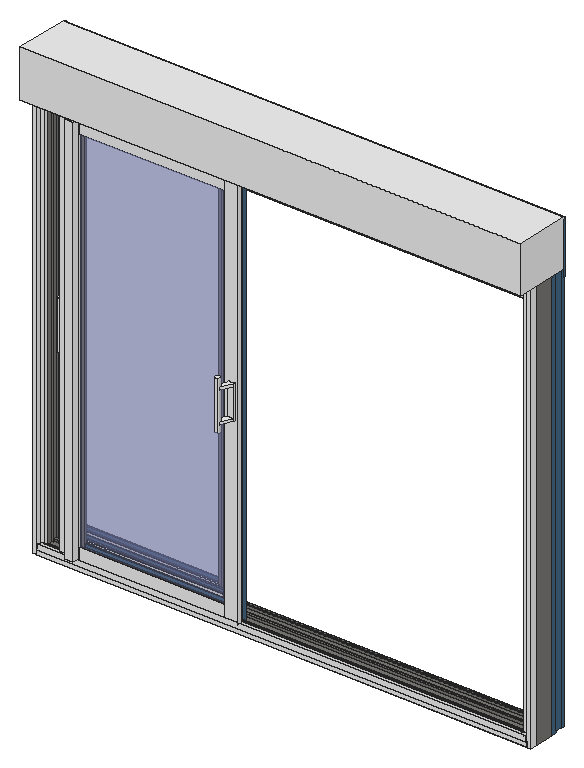
Revit family "K-LINE COULISSANT RENO-tunnel-KLBC3R-3V - Bloc Baie", category Fenêtres, Revit 2017 (continued)
Definition of nested family "Dormant KL-BC3R RENO tunnel occultation"
  Automatic sketch dimensions
    Sweep 2 sketch curve to plane 15 = 0.00 mm
    Sweep 3 sketch curve to plane 4 = 0.00 mm
    plane 5 to Sweep 3 sketch curve = 0.00 mm
    Sweep 3 sketch curve to plane 15 = 0.00 mm
    Extrusion 4 sketch curve to plane 21 = 0.00 mm
    Extrusion 4 sketch curve to plane 13 "Axe clou Int" = 0.00 mm
    plane 11 to Extrusion 4 sketch curve = 0.965 mm
    plane 28 to Extrusion 4 sketch curve = 0.00 mm
    plane 12 to Extrusion 4 sketch curve = 1.035 mm
    plane 14 "Axe coul Ext" to Extrusion 4 sketch curve = 0.001 mm
    plane 17 to Extrusion 4 sketch curve = 1.00 mm  (x4)
    Extrusion 4 sketch curve to Extrusion 4 sketch curve = 1.00 mm  (x2)
    plane 17 to Extrusion 4 sketch curve = 2.50 mm  (x3)
    Extrusion 5 sketch curve to plane 17 = 0.00 mm  (x2)
    plane 1 "Centre (avant/arrière)" to Extrusion 5 sketch curve = 3.00 mm
    Extrusion 5 sketch curve to Extrusion 5 sketch curve = 2.00 mm
    plane 11 to Extrusion 5 sketch curve = 0.965 mm
    plane 16 to Extrusion 5 sketch curve = 2.00 mm
    Extrusion 7 sketch curve to Extrusion 7 sketch curve = 15.00 mm
    plane 29 to Extrusion 7 sketch curve = 15.00 mm
  Nested families
    nested 1: "Détail 2D - Montants dormant BC3R RENO Tunnel occultation" at (895.7, 0, 0) x (0, -1, 0) z (0, 0, 1), type "Détail 2D - Montants dormant BC3R RENO Tunnel occultation"
      with A 13.00 mm
    nested 2: "Détail 2D - Montants dormant BC3R RENO Tunnel occultation" at (-895.7, 0, 0) x (0, -1, 0) z (0, 0, 1), type "Détail 2D - Montants dormant BC3R RENO Tunnel occultation"
      with A 13.00 mm
    nested 3: "Détail 2D - Traverses dormant BC3R RENO Tunnel occultation" at (0, 0, 2200) x (0, -1, 0) z (1, 0, 0), type "Détail 2D - Traverses dormant BC3R RENO Tunnel occultation"
      with Traverse haute yes, Traverse basse no, A 23.00 mm
    nested 4: "Détail 2D - Traverses dormant BC3R RENO Tunnel occultation" at (0, 0, 0) x (0, -1, 0) z (1, 0, 0), type "Détail 2D - Traverses dormant BC3R RENO Tunnel occultation"
      with Traverse haute no, Traverse basse yes, A 11.00 mm
  Definition of nested family "Détail 2D - Montants dormant BC3R RENO Tunnel occultation"
    Parameters
      A [instance] = 13.00 mm
    Reference planes
      plane 1 "Centre (avant/arrière)": y = 0
      plane 2: z = 0
      plane 3 "Centre (gauche/droite)": x = 0
      plane 4: y = -46.8
      plane 5: x = -139.25
      plane 6: y = -33.8
      plane 7: y = -22.8
      plane 8: x = -124.25
      plane 9: x = -14.25
      plane 10: x = -29.25
      plane 11: x = -84.25
      plane 12: x = -69.25
      plane 13: x = -191.75
      plane 14: y = -11
      plane 15: y = 4.3
    Lines and regions (mm)
      Filled region 1, type "Uni - Gris", in view "Niveau de réf.", detail levels medium+fine
        outline origin (0, 0, 0) x (1, 0, 0) y (0, 1, 0)
          loop
            line (-29.25, -46.8) -> (-14.25, -46.8) -> (-14.25, -22.8) -> (0, -22.8) -> (0, 0) -> (-176.75, 0) -> (-176.75, 4.3) -> (-191.75, 4.3) -> (-191.75, -11) -> (-126.75, -11) -> (-126.75, -20.8) -> (-139.25, -20.8) -> (-139.25, -46.8) -> (-124.25, -46.8) -> (-124.25, -33.8) -> (-84.25, -33.8) -> (-84.25, -46.8) -> (-69.25, -46.8) -> (-69.25, -33.8) -> (-29.25, -33.8) -> (-29.25, -46.8)
      Filled region 2, type "Uni - Blanc", in view "Niveau de réf.", detail levels coarse
        outline origin (0, 0, 0) x (1, 0, 0) y (0, 1, 0)
          loop
            line (-139.25, 0) -> (-139.25, -46.8) -> (0, -46.8) -> (0, 0) -> (-139.25, 0)
    Dimensions and locks
      "A": plane 6 to plane 4
      plane 7 to plane 1 "Centre (avant/arrière)" = 22.80 mm
      locked: plane 7 to plane 4 at 24
      locked: plane 3 "Centre (gauche/droite)" to plane 9 at 14.25
      locked: plane 5 to plane 8 at 15
      locked: plane 10 to plane 9 at 15
      locked: plane 11 to plane 12 at 15
      locked: plane 8 to plane 11 at 40
      locked: plane 12 to plane 10 at 40
      locked: plane 13 to plane 5 at 52.5
      locked: plane 14 to plane 1 "Centre (avant/arrière)" at 11
      locked: plane 15 to plane 1 "Centre (avant/arrière)" at 4.3
      aligned and locked: plane 5 to Filled region 2 sketch curve
      aligned and locked: plane 4 to Filled region 2 sketch curve
      aligned and locked: Filled region 2 to plane 1 "Centre (avant/arrière)"
      aligned and locked: Filled region 1 to plane 7
      aligned and locked: plane 4 to Filled region 1 sketch curve  (x2)
      aligned and locked: Filled region 1 sketch curve to plane 4
      aligned and locked: Filled region 1 sketch curve to plane 5
      aligned and locked: plane 7 to Filled region 1 sketch curve
      aligned and locked: plane 1 "Centre (avant/arrière)" to Filled region 1 sketch curve
      aligned and locked: Filled region 1 sketch curve to plane 3 "Centre (gauche/droite)"
      aligned and locked: plane 9 to Filled region 1 sketch curve
      aligned and locked: Filled region 1 sketch curve to plane 10
      aligned and locked: plane 8 to Filled region 1 sketch curve
      aligned and locked: plane 3 "Centre (gauche/droite)" to Filled region 2
      aligned and locked: plane 11 to Filled region 1 sketch curve
      aligned and locked: Filled region 1 sketch curve to plane 12
      aligned and locked: plane 14 to Filled region 1 sketch curve
      aligned and locked: Filled region 1 sketch curve to plane 15
      aligned and locked: plane 15 to Filled region 1
      aligned and locked: plane 13 to Filled region 1
      aligned and locked: plane 1 "Centre (avant/arrière)" to import instance
      aligned and locked: plane 3 "Centre (gauche/droite)" to import instance
    Automatic sketch dimensions
      Filled region 2 sketch curve to plane 3 "Centre (gauche/droite)" = 0.00 mm
      plane 1 "Centre (avant/arrière)" to Filled region 2 sketch curve = 0.00 mm
      Filled region 1 sketch curve to plane 6 = 0.00 mm  (x2)
      Filled region 1 sketch curve to plane 8 = 2.50 mm
      plane 7 to Filled region 1 sketch curve = 2.00 mm
      plane 13 to Filled region 1 sketch curve = 15.00 mm
      Filled region 1 sketch curve to plane 13 = 0.00 mm
  Definition of nested family "Détail 2D - Traverses dormant BC3R RENO Tunnel occultation"
    Parameters
      Traverse basse [instance] = yes
      Traverse haute [instance] = not(Traverse basse)  # no
      A [instance] = 13.00 mm
    Reference planes
      plane 1 "Centre (avant/arrière)": y = 0
      plane 2: z = 0
      plane 3 "Centre (gauche/droite)": x = 0
      plane 4: y = -46.8
      plane 5: x = -139.25
      plane 6: y = -33.8
      plane 7: y = -22.8
      plane 8: x = -124.25
      plane 9: x = -14.25
      plane 10: x = -29.25
      plane 11: x = -84.25
      plane 12: x = -69.25
    Lines and regions (mm)
      Filled region 1, type "Uni - Gris", in view "Niveau de réf.", visible <- "Traverse haute", detail levels medium+fine
        outline origin (0, 0, 0) x (1, 0, 0) y (0, 1, 0)
          loop
            line (-29.25, -46.8) -> (-14.25, -46.8) -> (-14.25, -22.8) -> (0, -22.8) -> (0, 0) -> (-139.25, 0) -> (-139.25, -10.8) -> (-126.75, -10.8) -> (-126.75, -20.8) -> (-139.25, -20.8) -> (-139.25, -46.8) -> (-124.25, -46.8) -> (-124.25, -33.8) -> (-84.25, -33.8) -> (-84.25, -46.8) -> (-69.25, -46.8) -> (-69.25, -33.8) -> (-29.25, -33.8) -> (-29.25, -46.8)
      Filled region 2, type "Uni - Blanc", in view "Niveau de réf.", detail levels coarse
        outline origin (0, 0, 0) x (1, 0, 0) y (0, 1, 0)
          loop
            line (-139.25, 0) -> (-139.25, -46.8) -> (0, -46.8) -> (0, 0) -> (-139.25, 0)
      Filled region 3, type "Uni - Gris", in view "Niveau de réf.", visible <- "Traverse basse", detail levels medium+fine
        outline origin (0, 0, 0) x (1, 0, 0) y (0, 1, 0)
          loop
            line (-139.25, -47.5) -> (-131.75, -49) -> (-124.25, -47.5) -> (-124.25, -33.8) -> (-84.25, -33.8) -> (-84.25, -47.5) -> (-76.75, -49) -> (-69.25, -47.5) -> (-69.25, -33.8) -> (-29.25, -33.8) -> (-29.25, -47.5) -> (-21.75, -49) -> (-14.25, -47.5) -> (-14.25, -22.8) -> (3, -22.8) -> (3, -46) -> (5, -46) -> (5, -20.8) -> (0, -20.8) -> (0, 0) -> (-149.25, 0) -> (-149.25, -10.789) -> (-126.75, -10.789) -> (-126.75, -20.789) -> (-139.25, -20.789) -> (-139.25, -47.5)
    Dimensions and locks
      "A": plane 6 to plane 4
      plane 7 to plane 1 "Centre (avant/arrière)" = 22.80 mm
      locked: plane 7 to plane 4 at 24
      locked: plane 3 "Centre (gauche/droite)" to plane 9 at 14.25
      locked: plane 5 to plane 8 at 15
      locked: plane 10 to plane 9 at 15
      locked: Filled region 3 sketch curve to Filled region 3 sketch curve at 25.2
      locked: Filled region 3 sketch curve to Filled region 3 sketch curve at 2
      locked: plane 11 to plane 12 at 15
      locked: plane 8 to plane 11 at 40
      locked: plane 12 to plane 10 at 40
      aligned and locked: plane 5 to Filled region 2 sketch curve
      aligned and locked: plane 4 to Filled region 2 sketch curve
      aligned and locked: Filled region 2 to plane 1 "Centre (avant/arrière)"
      aligned and locked: Filled region 1 to plane 7
      aligned and locked: plane 4 to Filled region 1 sketch curve  (x2)
      aligned and locked: Filled region 1 sketch curve to plane 4
      aligned and locked: Filled region 1 sketch curve to plane 5  (x2)
      aligned and locked: plane 7 to Filled region 1 sketch curve
      aligned and locked: plane 1 "Centre (avant/arrière)" to Filled region 1 sketch curve
      aligned and locked: Filled region 1 sketch curve to plane 3 "Centre (gauche/droite)"
      aligned and locked: plane 9 to Filled region 1 sketch curve
      aligned and locked: Filled region 1 sketch curve to plane 10
      aligned and locked: plane 8 to Filled region 1 sketch curve
      aligned and locked: plane 6 to Filled region 3 sketch curve
      aligned and locked: plane 7 to Filled region 3 sketch curve
      aligned and locked: plane 5 to Filled region 3 sketch curve
      aligned and locked: Filled region 3 sketch curve to plane 8
      aligned and locked: Filled region 3 sketch curve to plane 10
      aligned and locked: plane 9 to Filled region 3 sketch curve
      aligned and locked: Filled region 3 sketch curve to plane 3 "Centre (gauche/droite)"
      aligned and locked: plane 3 "Centre (gauche/droite)" to Filled region 2
      aligned and locked: plane 5 to import instance
      aligned and locked: import instance to plane 1 "Centre (avant/arrière)"
      aligned and locked: plane 1 "Centre (avant/arrière)" to import instance
      aligned and locked: plane 3 "Centre (gauche/droite)" to import instance
      aligned and locked: Filled region 3 sketch curve to plane 6
      aligned and locked: Filled region 3 sketch curve to plane 12
      aligned and locked: plane 11 to Filled region 3 sketch curve
      aligned and locked: plane 11 to Filled region 1 sketch curve
      aligned and locked: Filled region 1 sketch curve to plane 12
    Automatic sketch dimensions
      Filled region 2 sketch curve to plane 3 "Centre (gauche/droite)" = 0.00 mm
      plane 1 "Centre (avant/arrière)" to Filled region 2 sketch curve = 0.00 mm
      plane 1 "Centre (avant/arrière)" to Filled region 3 sketch curve = 0.00 mm
      Filled region 3 sketch curve to plane 5 = 10.00 mm
      Filled region 3 sketch curve to plane 4 = 2.20 mm  (x3)
      Filled region 3 sketch curve to plane 8 = 7.50 mm
      Filled region 3 sketch curve to plane 8 = 2.50 mm
      Filled region 3 sketch curve to plane 12 = 7.50 mm
      plane 9 to Filled region 3 sketch curve = 7.50 mm
      plane 3 "Centre (gauche/droite)" to Filled region 3 sketch curve = 3.00 mm
      Filled region 3 sketch curve to Filled region 3 sketch curve = 2.00 mm
      Filled region 3 sketch curve to plane 4 = 0.70 mm  (x6)
      plane 7 to Filled region 3 sketch curve = 2.011 mm
      Filled region 3 sketch curve to Filled region 3 sketch curve = 10.00 mm
      Filled region 1 sketch curve to plane 6 = 0.00 mm  (x2)
      Filled region 1 sketch curve to plane 8 = 2.50 mm
      plane 7 to Filled region 1 sketch curve = 2.00 mm
      Filled region 1 sketch curve to Filled region 1 sketch curve = 10.00 mm
Definition of nested family "Ouvrant central KLBC3R"
  Parameters (values of type "Ouvrant central KLBC3R")
    Vitrage = none
    Visibilité ouverture = yes
    Position traverses = if([3 traverses], (Height - 274.00 mm) / 4 + 50.00 mm, (Height - 224.00 mm) / 3 + 50.00 mm)  # 689.667 mm
    Porte Fenetre = yes
    Nb traverses = 0.00 mm
    Lg vitrage = Width - 50.00 mm  # 683.333 mm
    Lg traverse = Width - 80.00 mm  # 653.333 mm
    Width = 733.333 mm
    Ht vitrage = Height - 96.00 mm  # 2047.00 mm
    Ht traverse 1 = 931.00 mm
    Height = 2143.00 mm
    Couleur châssis Int = none
    Couleur châssis Ext = none
    Analytic Construction = "<Aucun>"
    3 traverses = Nb traverses = 3.00 mm  # no
    2 traverses = or(Nb traverses = 2.00 mm, Nb traverses = 3.00 mm)  # no
    1 traverse = Nb traverses = 1.00 mm  # no
  Reference planes
    plane 1 "Centre (avant/arrière)": y = 0
    plane 2: z = 0
    plane 3 "Centre (gauche/droite)": x = 0
    plane 4: x = -733.333
    plane 5: y = 21.75
    plane 6 "Nu ext": y = -21.75
    plane 7: x = -40
    plane 8: x = -25
    plane 9: x = -3
    plane 10: x = -693.333
    plane 11: x = -708.333
    plane 12: x = -713.333
    plane 13: y = -14
    plane 14: y = 14
    plane 15: y = -8
    plane 16: y = 8
    plane 17: x = -730.333
    plane 18: y = 28.25
    plane 19: z = 2143
    plane 20: z = 1071.5
    plane 21: z = 62
    plane 22: z = 48
    plane 23: z = 13
    plane 24: y = -20
    plane 25: y = 20
    plane 26: z = 2081
    plane 27: z = 2095
    plane 28: z = 2130
    plane 29: x = -20
    plane 30: x = -366.667
    plane 31: z = 726.667
    plane 32: z = 1416.333
    plane 33: z = 2106
    plane 34: z = 2795.667
    plane 35: z = 37
    plane 36: z = 931
    plane 37: y = 120
    plane 38: y = -28.25
    plane 39: y = 74.75
  Forms (mm)
    Extrusion 1, solid
      sketch origin (0, 0, 0) x (1, 0, 0) y (0, 1, 0)
        loop
          line (-730.333, 28.25) -> (-730.333, -14) -> (-708.333, -14) -> (-708.333, 14) -> (-693.333, 14) -> (-693.333, 21.75) -> (-713.333, 21.75) -> (-713.333, 28.25) -> (-730.333, 28.25)
        loop
          line (-3, -28.25) -> (-3, 14) -> (-25, 14) -> (-25, -14) -> (-40, -14) -> (-40, -21.75) -> (-20, -21.75) -> (-20, -28.25) -> (-3, -28.25)
      from 0 to 2143
    Extrusion 2, solid, material <- "Couleur châssis Ext"
      sketch origin (0, 0, 0) x (1, 0, 0) y (0, 1, 0)
        loop
          line (-733.333, 28.25) -> (-733.333, -21.75) -> (-693.333, -21.75) -> (-693.333, -14) -> (-730.333, -14) -> (-730.333, 28.25) -> (-733.333, 28.25)
      from 0 to 2143
    Extrusion 3, solid, material <- "Couleur châssis Ext"
      sketch origin (0, 0, 0) x (0, 1, 0) y (0, 0, 1)
        loop
          line (-20, 62) -> (-20, 0) -> (-8, 0) -> (-8, 13) -> (0, 13) -> (0, 48) -> (-14, 48) -> (-14, 62) -> (-20, 62)
        loop
          line (-20, 2081) -> (-14, 2081) -> (-14, 2095) -> (0, 2095) -> (0, 2130) -> (-8, 2130) -> (-8, 2143) -> (-20, 2143) -> (-20, 2081)
      from -40 to -693.333
    Extrusion 4, void
      sketch origin (0, 0, 0) x (0, 1, 0) y (0, 0, 1)
        loop
          line (-8, 13) -> (-8, 0) -> (8, 0) -> (8, 13) -> (-8, 13)
        loop
          line (-8, 2130) -> (8, 2130) -> (8, 2143) -> (-8, 2143) -> (-8, 2130)
      from 0 to -733.333
    Extrusion 5, solid, material <- "Couleur châssis Int"
      sketch origin (0, 1.25, 0.625) x (0, -1, 0) y (0, 0, -1)
        loop
          line (-18.75, -61.375) -> (-12.75, -61.375) -> (-12.75, -47.375) -> (1.25, -47.375) -> (1.25, -12.375) -> (-6.75, -12.375) -> (-6.75, 0.625) -> (-18.75, 0.625) -> (-18.75, -61.375)
        loop
          line (-18.75, -2080.375) -> (-18.75, -2142.375) -> (-6.75, -2142.375) -> (-6.75, -2129.375) -> (1.25, -2129.375) -> (1.25, -2094.375) -> (-12.75, -2094.375) -> (-12.75, -2080.375) -> (-18.75, -2080.375)
      from -40 to -693.333
    Extrusion 6, solid, material <- "Couleur châssis Int"
      sketch origin (0, 0, 0) x (1, 0, 0) y (0, 1, 0)
        loop
          line (0, -28.25) -> (0, 21.75) -> (-40, 21.75) -> (-40, 14) -> (-3, 14) -> (-3, -28.25) -> (0, -28.25)
      from 0 to 2143
    Extrusion 7, solid, material <- "Couleur châssis Int", visible <- "Porte Fenetre"
      sketch origin (0, 0, 0) x (1, 0, 0) y (0, 1, 0)
        loop
          line (-40, 74.75) -> (-40, 21.75) -> (0, 21.75) -> (0, 74.75) -> (-40, 74.75)
      from 13 to 2130
  Cuts and joins
    Extrusion 4 cuts Extrusion 3
    Extrusion 4 cuts Extrusion 2
    Extrusion 4 cuts Extrusion 1
    Extrusion 4 cuts Extrusion 6
  Lines and regions (mm)
    symbolic lines
      curve 1: line (-466.667, 0, 1071.5) -> (-266.667, 0, 1071.5)
      curve 2: line (-466.667, 0, 1071.5) -> (-430.414, 0, 1088.405)
      curve 3: line (-466.667, 0, 1071.5) -> (-430.414, 0, 1054.595)
      curve 9: line (-266.667, 0, 1071.5) -> (-302.919, 0, 1088.405)
      curve 10: line (-266.667, 0, 1071.5) -> (-302.919, 0, 1054.595)
    symbolic lines, visible <- "Visibilité ouverture"
      curve 4: line (-466.667, 120, 0) -> (-266.667, 120, 0)
      curve 5: line (-466.667, 120, 0) -> (-428.03, 130.353, 0)
      curve 6: line (-466.667, 120, 0) -> (-428.03, 109.647, 0)
      curve 7: line (-266.667, 120, 0) -> (-305.304, 130.353, 0)
      curve 8: line (-266.667, 120, 0) -> (-305.304, 109.647, 0)
    model lines, visible <- "Visibilité ouverture"
      curve 11: line (-466.667, -21.75, 1071.5) -> (-430.414, -21.75, 1054.595)
      curve 12: line (-466.667, -21.75, 1071.5) -> (-266.667, -21.75, 1071.5)
      curve 13: line (-466.667, -21.75, 1071.5) -> (-430.414, -21.75, 1088.405)
      curve 14: line (-266.667, -21.75, 1071.5) -> (-302.919, -21.75, 1088.405)
      curve 15: line (-266.667, -21.75, 1071.5) -> (-302.919, -21.75, 1054.595)
  Dimensions and locks
    "Width": plane 4 to plane 3 "Centre (gauche/droite)"
    locked: plane 5 to plane 1 "Centre (avant/arrière)" at 21.75
    locked: plane 6 "Nu ext" to plane 1 "Centre (avant/arrière)" at 21.75
    locked: plane 7 to plane 8 at 15
    locked: plane 9 to plane 3 "Centre (gauche/droite)" at 3
    locked: plane 10 to plane 11 at 15
    locked: plane 4 to plane 12 at 20
    locked: plane 12 to plane 10 at 20
    locked: plane 6 "Nu ext" to plane 13 at 7.75
    locked: plane 5 to plane 14 at 7.75
    locked: plane 15 to plane 1 "Centre (avant/arrière)" at 8
    locked: plane 16 to plane 1 "Centre (avant/arrière)" at 8
    locked: plane 4 to plane 17 at 3
    locked: plane 6 "Nu ext" to plane 18 at 50
    "Height": plane 19 to plane 2
    equal spacing: plane 19, plane 20, plane 2
    locked: plane 21 to plane 2 at 62
    locked: plane 21 to plane 22 at 14
    locked: plane 2 to plane 23 at 13
    locked: plane 24 to plane 13 at 6
    locked: plane 25 to plane 14 at 6
    locked: plane 26 to plane 27 at 14
    locked: plane 19 to plane 28 at 13
    locked: plane 26 to plane 19 at 62
    locked: plane 29 to plane 3 "Centre (gauche/droite)" at 20
    equal spacing: plane 11, plane 30, plane 8
    "Position traverses": plane 32 to plane 31
    "Position traverses": plane 33 to plane 32
    "Position traverses": plane 34 to plane 33
    locked: plane 21 to plane 35 at 25
    "Position traverses": plane 31 to plane 35
    "Ht traverse 1": plane 36 to plane 2
    locked: plane 37 to plane 1 "Centre (avant/arrière)" at 120
    locked: plane 7 to plane 29 at 20
    locked: plane 38 to plane 6 "Nu ext" at 6.5
    locked: plane 39 to plane 5 at 53
    aligned and locked: level to plane 2
    aligned and locked: plane 17 to Extrusion 1 sketch curve
    aligned and locked: plane 12 to Extrusion 1 sketch curve
    aligned and locked: plane 10 to Extrusion 1 sketch curve
    aligned and locked: plane 11 to Extrusion 1 sketch curve
    aligned and locked: plane 13 to Extrusion 1 sketch curve
    aligned and locked: plane 4 to Extrusion 2 sketch curve
    aligned and locked: Extrusion 2 sketch curve to plane 17
    aligned and locked: Extrusion 2 sketch curve to plane 13
    aligned and locked: plane 10 to Extrusion 2 sketch curve
    aligned and locked: Extrusion 2 sketch curve to plane 6 "Nu ext"
    aligned and locked: plane 18 to Extrusion 2 sketch curve
    aligned and locked: plane 18 to Extrusion 1 sketch curve
    aligned and locked: Extrusion 1 sketch curve to plane 5
    aligned and locked: Extrusion 1 sketch curve to plane 14
    aligned and locked: Extrusion 2 to plane 2
    aligned and locked: Extrusion 1 to plane 2
    aligned and locked: plane 19 to Extrusion 1
    aligned and locked: plane 19 to Extrusion 2
    aligned and locked: plane 24 to Extrusion 3 sketch curve
    aligned and locked: plane 21 to Extrusion 3 sketch curve
    aligned and locked: plane 13 to Extrusion 3 sketch curve
    aligned and locked: plane 22 to Extrusion 3 sketch curve
    aligned and locked: Extrusion 3 sketch curve to plane 1 "Centre (avant/arrière)"
    aligned and locked: plane 23 to Extrusion 3 sketch curve
    aligned and locked: Extrusion 3 sketch curve to plane 2
    aligned and locked: Extrusion 3 sketch curve to plane 24
    aligned and locked: Extrusion 3 sketch curve to plane 19
    aligned and locked: Extrusion 3 sketch curve to plane 28
    aligned and locked: plane 1 "Centre (avant/arrière)" to Extrusion 3 sketch curve
    aligned and locked: Extrusion 3 sketch curve to plane 27
    aligned and locked: Extrusion 3 sketch curve to plane 13
    aligned and locked: Extrusion 3 sketch curve to plane 26
    aligned and locked: plane 15 to Extrusion 3 sketch curve
    aligned and locked: Extrusion 3 sketch curve to plane 15
    aligned and locked: plane 23 to Extrusion 4 sketch curve
    aligned and locked: Extrusion 4 sketch curve to plane 16
    aligned and locked: plane 2 to Extrusion 4 sketch curve
    aligned and locked: Extrusion 4 sketch curve to plane 15
    aligned and locked: plane 19 to Extrusion 4 sketch curve
    aligned and locked: plane 16 to Extrusion 4 sketch curve
    aligned and locked: Extrusion 4 sketch curve to plane 28
    aligned and locked: plane 15 to Extrusion 4 sketch curve
    aligned and locked: Extrusion 4 to plane 4
    aligned and locked: plane 3 "Centre (gauche/droite)" to Extrusion 4
    aligned and locked: plane 10 to Extrusion 3
    aligned and locked: plane 7 to cut or joined group of Extrusion 3, Extrusion 4
    aligned and locked: plane 19 to Extrusion 5 sketch curve
    aligned and locked: plane 28 to Extrusion 5 sketch curve
    aligned and locked: plane 1 "Centre (avant/arrière)" to Extrusion 5 sketch curve
    aligned and locked: Extrusion 5 sketch curve to plane 16
    aligned and locked: plane 25 to Extrusion 5 sketch curve
    aligned and locked: plane 27 to Extrusion 5 sketch curve
    aligned and locked: plane 26 to Extrusion 5 sketch curve
    aligned and locked: plane 14 to Extrusion 5 sketch curve
    aligned and locked: Extrusion 5 sketch curve to plane 21
    aligned and locked: Extrusion 5 sketch curve to plane 22
    aligned and locked: Extrusion 5 sketch curve to plane 23
    aligned and locked: plane 2 to Extrusion 5 sketch curve
    aligned and locked: Extrusion 5 sketch curve to plane 25
    aligned and locked: Extrusion 5 sketch curve to plane 14
    aligned and locked: plane 16 to Extrusion 5 sketch curve
    aligned and locked: Extrusion 5 sketch curve to plane 1 "Centre (avant/arrière)"
    aligned and locked: plane 1 "Centre (avant/arrière)" to nested 1
    aligned and locked: plane 30 to nested 1
    aligned and locked: nested 1 to plane 22
    aligned and locked: nested 2 to plane 1 "Centre (avant/arrière)"
    aligned and locked: plane 19 to nested 2
    aligned and locked: plane 2 to nested 3
    aligned and locked: plane 1 "Centre (avant/arrière)" to nested 3
    aligned and locked: plane 4 to nested 4
    aligned and locked: plane 1 "Centre (avant/arrière)" to nested 4
    aligned and locked: plane 10 to Extrusion 5
    aligned and locked: nested 5 to plane 30
    aligned and locked: nested 5 to plane 1 "Centre (avant/arrière)"
    aligned and locked: plane 31 to nested 6
    aligned and locked: plane 32 to nested 7
    aligned and locked: plane 33 to nested 8
    aligned and locked: nested 8 to plane 1 "Centre (avant/arrière)"
    aligned and locked: nested 7 to plane 1 "Centre (avant/arrière)"
    aligned and locked: nested 6 to plane 1 "Centre (avant/arrière)"
    aligned and locked: plane 36 to nested 5
    aligned and locked: nested 6 to plane 30
    aligned and locked: nested 7 to plane 30
    aligned and locked: nested 8 to plane 30
    aligned and locked: plane 7 to Extrusion 5
    aligned and locked: nested 9 to plane 3 "Centre (gauche/droite)"
    aligned and locked: nested 9 to plane 1 "Centre (avant/arrière)"
    aligned and locked: plane 7 to Extrusion 6 sketch curve
    aligned and locked: plane 9 to Extrusion 6 sketch curve
    aligned and locked: Extrusion 6 sketch curve to plane 3 "Centre (gauche/droite)"
    aligned and locked: Extrusion 6 sketch curve to plane 14
    aligned and locked: Extrusion 6 sketch curve to plane 5
    aligned and locked: plane 38 to Extrusion 6 sketch curve
    aligned and locked: plane 7 to Extrusion 1 sketch curve
    aligned and locked: plane 8 to Extrusion 1 sketch curve
    aligned and locked: plane 29 to Extrusion 1 sketch curve
    aligned and locked: Extrusion 1 sketch curve to plane 9
    aligned and locked: plane 38 to Extrusion 1 sketch curve
    aligned and locked: Extrusion 1 sketch curve to plane 6 "Nu ext"
    aligned and locked: Extrusion 1 sketch curve to plane 13
    aligned and locked: plane 14 to Extrusion 1 sketch curve
    aligned and locked: plane 39 to Extrusion 7 sketch curve
    aligned and locked: plane 7 to Extrusion 7 sketch curve
    aligned and locked: plane 5 to Extrusion 7 sketch curve
    aligned and locked: Extrusion 7 sketch curve to plane 3 "Centre (gauche/droite)"
    aligned and locked: plane 23 to Extrusion 7
    aligned and locked: plane 28 to Extrusion 7
    aligned and locked: plane 19 to Extrusion 6
    aligned and locked: Extrusion 6 to level
  Automatic sketch dimensions
    curve 6 to plane 37 = 0.00 mm
    curve 6 to plane 30 = 100.00 mm
    plane 30 to curve 8 = 100.00 mm
    plane 37 to curve 5 = 10.353 mm
    curve 4 to curve 5 = 38.637 mm
    curve 6 to plane 37 = 10.353 mm
    curve 6 to curve 5 = 0.00 mm
    plane 37 to curve 7 = 10.353 mm
    curve 7 to curve 7 = 38.637 mm
    curve 8 to plane 37 = 10.353 mm
    curve 8 to curve 7 = 0.00 mm
    curve 3 to plane 20 = 0.00 mm
    curve 3 to plane 30 = 100.00 mm
    plane 30 to curve 10 = 100.00 mm
    plane 20 to curve 2 = 16.905 mm
    curve 1 to curve 2 = 36.252 mm
    curve 3 to plane 20 = 16.905 mm
    curve 2 to curve 3 = 0.00 mm
    plane 20 to curve 9 = 16.905 mm
    curve 9 to curve 9 = 36.252 mm
    curve 10 to plane 20 = 16.905 mm
    curve 9 to curve 10 = 0.00 mm
    curve 12 to plane 20 = 0.00 mm
    plane 30 to curve 12 = 100.00 mm
    plane 20 to curve 11 = 16.905 mm
    curve 11 to curve 11 = 36.252 mm
    curve 12 to plane 30 = 100.00 mm
    curve 13 to plane 20 = 16.905 mm
    curve 13 to curve 11 = 0.00 mm
    curve 14 to plane 20 = 16.905 mm
    curve 14 to curve 14 = 36.252 mm
    plane 20 to curve 15 = 16.905 mm
    curve 14 to curve 15 = 0.00 mm
  Nested families
    nested 1: "Vitrage" at (-366.667, 0, 48), Width <- "Lg vitrage", Height <- "Ht vitrage", type "Vitrage"
      with Width 683.333 mm, Height 2047.00 mm
    nested 2: "Détail 2D - KLBC - Profil ouvrant" at (0, 0, 2081) x (0, 1, 0) z (1, 0, 0), type "Détail 2D - KLBC - Profil ouvrant"
      with Traverse yes, Pf vitrage 14.00 mm, Lg 40.00 mm, Ht 62.00 mm
    nested 3: "Détail 2D - KLBC - Profil ouvrant" at (0, 0, 62) x (0, 1, 0) z (1, 0, 0), type "Détail 2D - KLBC - Profil ouvrant"
      with Traverse yes, Pf vitrage 14.00 mm, Lg 40.00 mm, Ht 62.00 mm
    nested 4: "Détail 2D - KLBC - Montant central" at (-733.333, 0, 0), type "Détail 2D - KLBC - Montant central"
      with Profondeur 7.75 mm, Porte fenêtre no
    nested 5: "Traverse intermédiaire" at (-366.667, 0, 931) x (-1, 0, 0) z (0, 0, 1), visible <- "1 traverse", type "Traverse intermédiaire"
      with Longueur 653.333 mm
    nested 6: "Traverse intermédiaire" at (-366.667, 0, 726.667) x (-1, 0, 0) z (0, 0, 1), visible <- "2 traverses", type "Traverse intermédiaire"
      with Longueur 653.333 mm
    nested 7: "Traverse intermédiaire" at (-366.667, 0, 1416.333) x (-1, 0, 0) z (0, 0, 1), visible <- "2 traverses", type "Traverse intermédiaire"
      with Longueur 653.333 mm
    nested 8: "Traverse intermédiaire" at (-366.667, 0, 2106) x (-1, 0, 0) z (0, 0, 1), visible <- "3 traverses", type "Traverse intermédiaire"
      with Longueur 653.333 mm
    nested 9: "Détail 2D - KLBC - Montant central" at (0, 0, 0) x (-1, 0, 0) z (0, 0, 1), Porte fenêtre <- "Porte Fenetre", type "Détail 2D - KLBC - Montant central"
      with Profondeur 60.75 mm, Porte fenêtre yes
  Definition of nested family "Vitrage"
    Parameters
      Width [instance] = 823.00 mm
      K.LINE Verre = none
      Height [instance] = 1344.00 mm
      Ep verre Int = 4.00 mm
      Ep verre Ext = 4.00 mm
      Ep Vitrage = 28.00 mm
      Analytic Construction = "<Aucun>"
    Reference planes
      plane 1 "Centre (avant/arrière)": y = 0
      plane 2: z = 0
      plane 3 "Centre (gauche/droite)": x = 0
      plane 4: x = -411.5
      plane 5: x = 411.5
      plane 6: y = 14
      plane 7: y = -14
      plane 8: y = 10
      plane 9: y = -10
      plane 10: z = 1344
      plane 11: x = -401.5
      plane 12: x = 401.5
      plane 13: z = 10
      plane 14: z = 1334
    Forms (mm)
      Extrusion 1, solid, material <- "K.LINE Verre"
        sketch origin (0, 0, 0) x (1, 0, 0) y (0, 1, 0)
          loop
            line (-411.5, 14) -> (-411.5, -14) -> (411.5, -14) -> (411.5, 14) -> (-411.5, 14)
        from 0 to 1344
    Lines and regions (mm)
      symbolic lines, detail levels medium+fine
        curve 1: line (-411.5, 14, 0) -> (411.5, 14, 0)
        curve 2: line (-411.5, -14, 0) -> (-411.5, 14, 0)
        curve 3: line (411.5, -14, 0) -> (-411.5, -14, 0)
        curve 4: line (411.5, 14, 0) -> (411.5, -14, 0)
        curve 10: line (0, -14, 0) -> (0, 14, 0)
        curve 11: line (0, -14, 1344) -> (0, -14, 0)
        curve 12: line (0, 14, 1344) -> (0, -14, 1344)
        curve 13: line (0, 14, 0) -> (0, 14, 1344)
      symbolic lines, detail levels coarse
        curve 5: line (-411.5, 0, 0) -> (411.5, 0, 0)
        curve 15: line (0, 0, 0) -> (0, 0, 1344)
      symbolic lines, detail levels fine
        curve 6: line (411.5, -10, 0) -> (-411.5, -10, 0)
        curve 7: line (411.5, 10, 0) -> (-411.5, 10, 0)
        curve 8: line (-401.5, 10, 0) -> (-401.5, -10, 0)
        curve 9: line (401.5, 10, 0) -> (401.5, -10, 0)
        curve 14: line (0, 10, 0) -> (0, 10, 1344)
        curve 16: line (0, -10, 0) -> (0, -10, 1344)
        curve 17: line (0, 10, 1334) -> (0, -10, 1334)
        curve 18: line (0, 10, 10) -> (0, -10, 10)
    Dimensions and locks
      equal spacing: plane 4, plane 3 "Centre (gauche/droite)", plane 5
      equal spacing: plane 6, plane 1 "Centre (avant/arrière)", plane 7
      "Width": plane 4 to plane 5
      "Ep Vitrage": plane 6 to plane 7
      "Ep verre Ext": plane 6 to plane 8
      "Ep verre Int": plane 9 to plane 7
      "Height": plane 2 to plane 10
      plane 4 to plane 11 = 10.00 mm
      locked: plane 12 to plane 5 at 10
      locked: plane 14 to plane 10 at 10
      locked: plane 13 to plane 2 at 10
      aligned and locked: level to plane 2
      aligned and locked: Extrusion 1 sketch curve to plane 6
      aligned and locked: plane 4 to Extrusion 1 sketch curve
      aligned and locked: Extrusion 1 sketch curve to plane 7
      aligned and locked: Extrusion 1 sketch curve to plane 5
      aligned and locked: Extrusion 1 to plane 10
      aligned and locked: Extrusion 1 to plane 2
      aligned and locked: plane 4 to curve 2
      aligned and locked: curve 4 to plane 5
      aligned and locked: curve 1 to plane 6
      aligned and locked: plane 1 "Centre (avant/arrière)" to curve 5
      aligned and locked: curve 3 to plane 7
      aligned and locked: plane 8 to curve 7
      aligned and locked: curve 6 to plane 9
      aligned and locked: curve 8 to plane 11
      aligned and locked: plane 12 to curve 9
      aligned and locked: plane 2 to curve 10
      aligned and locked: plane 10 to curve 12
      aligned and locked: curve 11 to plane 7
      aligned and locked: plane 9 to curve 16
      aligned and locked: plane 1 "Centre (avant/arrière)" to curve 15
      aligned and locked: curve 14 to plane 8
      aligned and locked: curve 13 to plane 6
      aligned and locked: curve 17 to plane 14
      aligned and locked: curve 18 to plane 13
  Definition of nested family "Traverse intermédiaire"
    Parameters
      Longueur = 1520.00 mm
      Couleur int = none
      Couleur ext = none
    Reference planes
      plane 1 "Centre (avant/arrière)": y = 0
      plane 2: z = 0
      plane 3 "Centre (gauche/droite)": x = 0
      plane 4: y = 20
      plane 5: y = -20
      plane 6: y = 14
      plane 7: y = -14
      plane 8: x = -760
      plane 9: x = 760
      plane 10: z = 25
      plane 11: z = -25
      plane 12: z = 11
      plane 13: z = -11
    Forms (mm)
      Extrusion 1, solid, material <- "Couleur int"
        sketch origin (0, 0, 0) x (0, 1, 0) y (0, 0, 1)
          loop
            line (-20, 25) -> (-20, -25) -> (-14, -25) -> (-14, -11) -> (0, -11) -> (0, 11) -> (-14, 11) -> (-14, 25) -> (-20, 25)
        from -760 to 760
      Extrusion 2, solid, material <- "Couleur ext"
        sketch origin (0, 0, 0) x (0, -1, 0) y (0, 0, -1)
          loop
            line (-20, -25) -> (-14, -25) -> (-14, -11) -> (0, -11) -> (0, 11) -> (-14, 11) -> (-14, 25) -> (-20, 25) -> (-20, -25)
        from -760 to 760
    Dimensions and locks
      locked: plane 4 to plane 1 "Centre (avant/arrière)" at 20
      locked: plane 5 to plane 1 "Centre (avant/arrière)" at 20
      locked: plane 6 to plane 4 at 6
      locked: plane 7 to plane 5 at 6
      equal spacing: plane 8, plane 3 "Centre (gauche/droite)", plane 9
      "Longueur": plane 8 to plane 9
      locked: plane 10 to plane 2 at 25
      locked: plane 11 to level at 25
      locked: plane 10 to plane 12 at 14
      locked: plane 11 to plane 13 at 14
      aligned and locked: level to plane 2
      aligned and locked: plane 10 to Extrusion 1 sketch curve
      aligned and locked: Extrusion 1 sketch curve to plane 12
      aligned and locked: Extrusion 1 sketch curve to plane 13
      aligned and locked: plane 11 to Extrusion 1 sketch curve
      aligned and locked: plane 5 to Extrusion 1 sketch curve
      aligned and locked: Extrusion 1 sketch curve to plane 7  (x2)
      aligned and locked: plane 1 "Centre (avant/arrière)" to Extrusion 1 sketch curve
      aligned and locked: plane 1 "Centre (avant/arrière)" to Extrusion 2 sketch curve
      aligned and locked: plane 6 to Extrusion 2 sketch curve  (x2)
      aligned and locked: Extrusion 2 sketch curve to plane 4
      aligned and locked: Extrusion 2 sketch curve to plane 10
      aligned and locked: plane 12 to Extrusion 2 sketch curve
      aligned and locked: Extrusion 2 sketch curve to plane 11
      aligned and locked: plane 13 to Extrusion 2 sketch curve
      aligned and locked: plane 9 to Extrusion 2
      aligned and locked: plane 9 to Extrusion 1
      aligned and locked: Extrusion 1 to plane 8
      aligned and locked: Extrusion 2 to plane 8
  Definition of nested family "Détail 2D - KLBC - Profil ouvrant"
    Parameters
      Traverse [instance] = no
      Pf vitrage [instance] = if(Traverse, 14.00 mm, 15.00 mm)  # 15.00 mm
      Lg [instance] = if(Traverse, 40.00 mm, 43.50 mm)  # 43.50 mm
      Ht [instance] = if(Traverse, 62.00 mm, 62.50 mm)  # 62.50 mm
    Reference planes
      plane 1 "Centre (avant/arrière)": y = 0
      plane 2: z = 0
      plane 3 "Centre (gauche/droite)": x = 0
      plane 4: x = -21.75
      plane 5: x = 21.75
      plane 6: y = 62.5
      plane 7: x = -14
      plane 8: x = 14
      plane 9: x = -8
      plane 10: x = 8
      plane 11: y = 49.5
      plane 12: y = 15
    Lines and regions (mm)
      Filled region 1, type "Uni - Gris", in view "Niveau de réf.", detail levels medium+fine
        outline origin (0, 0, 0) x (1, 0, 0) y (0, 1, 0)
          loop
            line (-21.75, 62.5) -> (-21.75, 0) -> (-14, 0) -> (-14, 15) -> (14, 15) -> (14, 0) -> (21.75, 0) -> (21.75, 62.5) -> (8, 62.5) -> (8, 49.5) -> (-8, 49.5) -> (-8, 62.5) -> (-21.75, 62.5)
      Filled region 2, type "Uni - blanc", in view "Niveau de réf.", detail levels coarse
        outline origin (0, 0, 0) x (1, 0, 0) y (0, 1, 0)
          loop
            line (-21.75, 62.5) -> (-21.75, 0) -> (21.75, 0) -> (21.75, 62.5) -> (-21.75, 62.5)
    Dimensions and locks
      equal spacing: plane 4, plane 3 "Centre (gauche/droite)", plane 5
      "Lg": plane 4 to plane 5
      "Ht": plane 6 to plane 1 "Centre (avant/arrière)"
      locked: plane 7 to plane 3 "Centre (gauche/droite)" at 14
      locked: plane 8 to plane 3 "Centre (gauche/droite)" at 14
      locked: plane 9 to plane 3 "Centre (gauche/droite)" at 8
      locked: plane 10 to plane 3 "Centre (gauche/droite)" at 8
      locked: plane 6 to plane 11 at 13
      "Pf vitrage": plane 12 to plane 1 "Centre (avant/arrière)"
      aligned and locked: Filled region 1 sketch curve to plane 6  (x2)
      aligned and locked: Filled region 1 sketch curve to plane 10
      aligned and locked: Filled region 1 sketch curve to plane 9
      aligned and locked: Filled region 1 sketch curve to plane 11
      aligned and locked: Filled region 1 sketch curve to plane 5
      aligned and locked: plane 4 to Filled region 1 sketch curve
      aligned and locked: plane 12 to Filled region 1 sketch curve
      aligned and locked: Filled region 1 sketch curve to plane 8
      aligned and locked: Filled region 1 sketch curve to plane 1 "Centre (avant/arrière)"  (x2)
      aligned and locked: Filled region 1 sketch curve to plane 7
      aligned and locked: Filled region 2 sketch curve to plane 6
      aligned and locked: Filled region 2 sketch curve to plane 5
      aligned and locked: plane 4 to Filled region 2 sketch curve
      aligned and locked: Filled region 2 sketch curve to plane 1 "Centre (avant/arrière)"
  Definition of nested family "Détail 2D - KLBC - Montant central"
    Parameters
      Porte fenêtre [instance] = yes
      Profondeur [instance] = if(Porte fenêtre, 60.75 mm, 7.75 mm)  # 60.75 mm
    Reference planes
      plane 1 "Centre (avant/arrière)": y = 0
      plane 2: z = 0
      plane 3 "Centre (gauche/droite)": x = 0
      plane 4: y = 14
      plane 5: y = -14
      plane 6: y = -74.75
      plane 7: y = 28.25
      plane 8: y = 21.75
      plane 9: x = 20
      plane 10: x = 40
      plane 11: x = 25
    Lines and regions (mm)
      Filled region 1, type "Uni - Gris", in view "Niveau de réf.", detail levels medium+fine
        outline origin (0, 0, 0) x (1, 0, 0) y (0, 1, 0)
          loop
            line (20, 28.25) -> (0, 28.25) -> (0, -74.75) -> (40, -74.75) -> (40, -14) -> (25, -14) -> (25, 14) -> (40, 14) -> (40, 21.75) -> (20, 21.75) -> (20, 28.25)
      Filled region 2, type "Uni - blanc", in view "Niveau de réf.", detail levels coarse
        outline origin (0, 0, 0) x (1, 0, 0) y (0, 1, 0)
          loop
            line (0, 21.75) -> (0, -74.75) -> (40, -74.75) -> (40, 21.75) -> (0, 21.75)
    Dimensions and locks
      locked: plane 4 to plane 1 "Centre (avant/arrière)" at 14
      locked: plane 5 to plane 1 "Centre (avant/arrière)" at 14
      "Profondeur": plane 6 to plane 5
      locked: plane 8 to plane 4 at 7.75
      locked: plane 9 to plane 3 "Centre (gauche/droite)" at 20
      locked: plane 10 to plane 9 at 20
      locked: plane 11 to plane 10 at 15
      locked: plane 7 to plane 1 "Centre (avant/arrière)" at 28.25
      aligned and locked: Filled region 1 sketch curve to plane 7
      aligned and locked: Filled region 1 sketch curve to plane 9
      aligned and locked: Filled region 1 sketch curve to plane 8
      aligned and locked: Filled region 1 sketch curve to plane 10  (x2)
      aligned and locked: Filled region 1 sketch curve to plane 4
      aligned and locked: Filled region 1 sketch curve to plane 5
      aligned and locked: Filled region 1 sketch curve to plane 6
      aligned and locked: plane 3 "Centre (gauche/droite)" to Filled region 1 sketch curve
      aligned and locked: plane 11 to Filled region 1
      aligned and locked: plane 3 "Centre (gauche/droite)" to Filled region 2 sketch curve
      aligned and locked: Filled region 2 sketch curve to plane 10
      aligned and locked: Filled region 2 sketch curve to plane 6
      aligned and locked: Filled region 2 sketch curve to plane 8
    Automatic sketch dimensions
      Filled region 1 sketch curve to plane 11 = 0.00 mm
Definition of nested family "Bloc Baie Reno"
  Parameters
    Visibilité des lames [instance] = yes
    Thermo = not(Bloc classic)  # yes
    Voltage = "230V"
    Wattage = "160W maxi"
    Profondeur coffre = if(Bloc classic, 220.00 mm, (if(Grand T, 260.00 mm, 215.00 mm)))  # 260.00 mm
    Option habillage Ext = yes
    Largeur = 2059.40 mm
    Hauteur coffre = if(Bloc classic, 200.00 mm, (if(Grand T, 225.00 mm, 195.00 mm)))  # 225.00 mm
    Hauteur = 965.00 mm
    Grand T = yes
    Manufacturer = ""
    Décalage coffre = if(Bloc classic, 4.00 mm, 32.00 mm)  # 32.00 mm
    Couleur lames = none
    Couleur Ext = none
    Bloc classic = no
  Reference planes
    plane 1 "Centre (avant/arrière)": y = 0
    plane 2: z = 0
    plane 3 "Centre (gauche/droite)": x = 0
    plane 4: x = -1029.7
    plane 5: x = 1029.7
    plane 6: y = 26
    plane 7: x = 985.2
    plane 8: x = -985.2
    plane 9: z = 965
    plane 10: y = 0
    plane 11: x = 1045
    plane 12: x = -1045
    plane 13: z = 783
    plane 14: x = 1019.7
    plane 15: x = -1019.7
    plane 16: y = 260
    plane 17: z = 1190
    plane 18: z = 933
    plane 19: y = -2
  Forms (mm)
    Extrusion 1, solid, material <- "Couleur Ext"
      sketch origin (0, 0, 0) x (1, 0, 0) y (0, 1, 0)
        loop
          line (985.2, 19.85) -> (1022.75, 19.85) -> (1022.75, 6.15) -> (985.2, 6.15) -> (985.2, 1.977) -> (1007.905, 0) -> (1029.7, 0) -> (1029.7, 26) -> (1007.905, 26) -> (985.2, 24.023) -> (985.2, 19.85)
        loop
          line (-985.2, 19.85) -> (-985.2, 24.023) -> (-1007.905, 26) -> (-1029.7, 26) -> (-1029.7, 0) -> (-1007.905, 0) -> (-985.2, 1.977) -> (-985.2, 6.15) -> (-1022.75, 6.15) -> (-1022.75, 19.85) -> (-985.2, 19.85)
      from 0 to 965
    Extrusion 2, solid, material <- "Couleur Ext", visible <- "Option habillage Ext"
      sketch origin (0, 0, 0) x (0, 1, 0) y (0, 0, 1)
        loop
          line (-2, 1190) -> (-2, 933) -> (0, 933) -> (0, 1190) -> (-2, 1190)
      from -1045 to 1045
    Extrusion 3, solid, material <- "Couleur lames", visible <- "Visibilité des lames"
      sketch origin (0, 0, 0) x (0, 1, 0) y (0, 0, 1)
        loop
          line (17, 783) -> (17, 815.496) -> (9, 817.639) -> (9, 783) -> (17, 783)
        loop
          line (17, 855.496) -> (9, 857.639) -> (9, 819.639) -> (17, 817.496) -> (17, 855.496)
        loop
          line (17, 895.496) -> (9, 897.639) -> (9, 859.639) -> (17, 857.496) -> (17, 895.496)
        loop
          line (17, 935.496) -> (9, 937.639) -> (9, 899.639) -> (17, 897.496) -> (17, 935.496)
        loop
          line (17, 965) -> (9, 965) -> (9, 939.639) -> (17, 937.496) -> (17, 965)
      from -1019.7 to 1019.7
    Extrusion 4, solid, visible <- "Thermo"
      sketch origin (0, 0, 0) x (0, 1, 0) y (0, 0, 1)
        loop
          line (0, 1190) -> (0, 965) -> (260, 965) -> (260, 1190) -> (0, 1190)
      from -1045 to 1045
    Extrusion 5, solid, visible <- "Bloc classic"
      sketch origin (0, 0, 0) x (0, 1, 0) y (0, 0, 1)
        loop
          line (0, 1190) -> (0, 965) -> (260, 965) -> (260, 1118) -> (242.048, 1190) -> (0, 1190)
      from -1045 to 1045
  Lines and regions (mm)
    symbolic lines
      curve 1: line (0, 26, 965) -> (0, 26, 0)
      curve 2: line (0, 26, 0) -> (0, 0, 0)
      curve 3: line (0, 0, 0) -> (0, 0, 965)
  Dimensions and locks
    equal spacing: plane 4, plane 3 "Centre (gauche/droite)", plane 5
    "Largeur": plane 4 to plane 5
    locked: plane 7 to plane 5 at 44.5
    locked: plane 8 to plane 4 at 44.5
    "Hauteur": plane 9 to plane 2
    locked: plane 10 to plane 6 at 26
    locked: plane 4 to plane 12 at 15.3
    locked: plane 5 to plane 11 at 15.3
    locked: plane 14 to plane 5 at 10
    locked: plane 15 to plane 4 at 10
    "Profondeur coffre": plane 1 "Centre (avant/arrière)" to plane 16
    "Hauteur coffre": plane 9 to plane 17
    locked: plane 9 to plane 13 at 182
    "Décalage coffre": plane 18 to plane 9
    locked: plane 19 to plane 1 "Centre (avant/arrière)" at 2
    locked: Extrusion 5 sketch curve to plane 16 at 17.952
    locked: plane 17 to Extrusion 5 sketch curve at 72
    aligned and locked: level to plane 2
    aligned and locked: Extrusion 1 sketch curve to plane 7
    aligned and locked: Extrusion 1 sketch curve to plane 6
    aligned and locked: plane 10 to Extrusion 1 sketch curve
    aligned and locked: plane 4 to Extrusion 1 sketch curve
    aligned and locked: Extrusion 1 sketch curve to plane 10
    aligned and locked: Extrusion 1 sketch curve to plane 8
    aligned and locked: plane 8 to Extrusion 1 sketch curve
    aligned and locked: plane 6 to Extrusion 1 sketch curve
    aligned and locked: plane 5 to Extrusion 1 sketch curve
    aligned and locked: Extrusion 1 to plane 9
    aligned and locked: Extrusion 1 to plane 2
    aligned and locked: plane 9 to Extrusion 3 sketch curve
    aligned and locked: plane 15 to Extrusion 3
    aligned and locked: plane 14 to Extrusion 3
    aligned and locked: plane 5 to nested 1
    aligned and locked: plane 10 to nested 1
    aligned and locked: plane 4 to nested 2
    aligned and locked: nested 2 to plane 10
    aligned and locked: plane 10 to Extrusion 2 sketch curve
    aligned and locked: plane 11 to Extrusion 4
    aligned and locked: plane 12 to Extrusion 4
    aligned and locked: Extrusion 4 to Extrusion 1
    aligned and locked: plane 17 to Extrusion 2
    aligned and locked: plane 12 to Extrusion 2
    aligned and locked: plane 11 to Extrusion 2
    aligned and locked: Extrusion 2 to plane 18
    aligned and locked: plane 19 to Extrusion 2
    aligned and locked: Extrusion 5 sketch curve to plane 10
    aligned and locked: Extrusion 5 sketch curve to plane 17
    aligned and locked: Extrusion 5 sketch curve to plane 9
    aligned and locked: Extrusion 5 sketch curve to plane 16
    aligned and locked: plane 11 to Extrusion 5
    aligned and locked: plane 12 to Extrusion 5
    aligned and locked: plane 1 "Centre (avant/arrière)" to plane 10
  Automatic sketch dimensions
    Extrusion 3 sketch curve to plane 13 = 0.00 mm
    Extrusion 3 sketch curve to plane 10 = 9.00 mm  (x3)
    Extrusion 3 sketch curve to Extrusion 3 sketch curve = 0.00 mm  (x3)
    Extrusion 3 sketch curve to Extrusion 3 sketch curve = 8.00 mm  (x4)
    Extrusion 3 sketch curve to Extrusion 3 sketch curve = 32.496 mm
    Extrusion 3 sketch curve to Extrusion 3 sketch curve = 2.00 mm  (x8)
    Extrusion 3 sketch curve to Extrusion 3 sketch curve = 0.144 mm  (x4)
    Extrusion 3 sketch curve to Extrusion 3 sketch curve = 35.856 mm  (x2)
    curve 3 to level = 0.00 mm
    curve 3 to plane 10 = 0.00 mm
    curve 2 to plane 6 = 0.00 mm
    plane 9 to curve 3 = 0.00 mm
    plane 9 to curve 1 = 0.00 mm
    Extrusion 1 sketch curve to plane 7 = 0.00 mm
    plane 15 to Extrusion 1 sketch curve = 3.05 mm
    Extrusion 1 sketch curve to plane 15 = 11.795 mm  (x2)
    Extrusion 1 sketch curve to plane 14 = 11.795 mm  (x2)
    plane 14 to Extrusion 1 sketch curve = 3.05 mm
    Extrusion 1 sketch curve to plane 10 = 1.977 mm  (x2)
    Extrusion 1 sketch curve to Extrusion 1 sketch curve = 4.173 mm  (x2)
    plane 6 to Extrusion 1 sketch curve = 6.15 mm  (x2)
    plane 6 to Extrusion 1 sketch curve = 1.977 mm  (x2)
    Extrusion 4 sketch curve to plane 1 "Centre (avant/arrière)" = 0.00 mm
    Extrusion 4 sketch curve to plane 16 = 0.00 mm
    plane 9 to Extrusion 4 sketch curve = 0.00 mm
    Extrusion 4 sketch curve to plane 17 = 0.00 mm
    Extrusion 2 sketch curve to plane 9 = 225.00 mm
    plane 1 "Centre (avant/arrière)" to Extrusion 2 sketch curve = 2.00 mm
    plane 9 to Extrusion 2 sketch curve = 32.00 mm
    Extrusion 3 sketch curve to Extrusion 3 sketch curve = 29.504 mm
  Nested families
    nested 1: "Détail 2D coulisse demi-linteau" at (1029.7, 0, 0), type "Détail 2D coulisse demi-linteau"
    nested 2: "Détail 2D coulisse demi-linteau" at (-1029.7, 0, 0) x (-1, 0, 0) z (0, 0, 1), type "Détail 2D coulisse demi-linteau"
  Definition of nested family "Détail 2D coulisse demi-linteau"
    Reference planes
      plane 1 "Centre (avant/arrière)": y = 0
      plane 2: z = 0
      plane 3 "Centre (gauche/droite)": x = 0
    Lines and regions (mm)
      Filled region 1, type "Uni - Gris", in view "Niveau de réf.", detail levels medium+fine
        outline origin (0, 0, 0) x (1, 0, 0) y (0, 1, 0)
          loop
            line (-21.795, 26) -> (-44.5, 24.023) -> (-44.5, 19.85) -> (-6.95, 19.85) -> (-6.95, 6.15) -> (-44.5, 6.15) -> (-44.5, 1.977) -> (-21.795, 0) -> (0, 0) -> (0, 26) -> (-21.795, 26)
      Filled region 2, type "Uni - Blanc", in view "Niveau de réf.", detail levels coarse
        outline origin (0, 0, 0) x (1, 0, 0) y (0, 1, 0)
          loop
            line (-44.5, 26) -> (-44.5, 0) -> (0, 0) -> (0, 26) -> (-44.5, 26)
    Dimensions and locks
      aligned and locked: plane 3 "Centre (gauche/droite)" to Filled region 1 sketch curve
      aligned and locked: plane 1 "Centre (avant/arrière)" to Filled region 1 sketch curve
      aligned and locked: Filled region 2 sketch curve to Filled region 1  (x4)
Definition of nested family "Texte Hors abaques"
  Parameters
    Largeur = "800 < Largeur < 1100"
    Hors abaques = "HORS ABAQUES"
    Hauteur = "2050 < Hauteur < 2350"
    Attention = "!"
  Reference planes
    plane 1: y = 0
    plane 2: x = 0
  Lines and regions (mm)
    Filled region 1, type "Filled region 1"
      outline origin (0, -0.352, 0) x (1, 0, 0) y (0, 1, 0)
        loop
          line (0, 1.813) -> (-1.453, 0.361) -> (-0.004, -1.088) -> (1.449, 0.364) -> (0, 1.813)
  Text (mm)
    label "!" at (0.005, -0.025, 0), shows "Attention"
    label "HORS ABAQUES\n\nMini < Largeur < Maxi\n\nMini < Hauteur < Maxi" at (0.005, -4.005, 0), shows "Hors abaques", "Largeur", "Hauteur"
